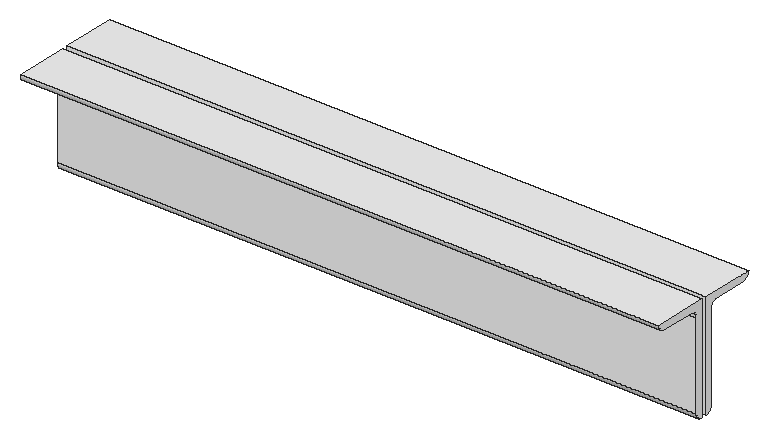
Revit family "M_LL-Ângulo duplo", category Quadro estrutural, Revit 2019
Family settings
  Arredondamento do comprimento do framing estrutural = 0 mm
  Forma do corte = Não definido
  Material para o comportamento do modelo = Aço
  Exportar sempre como geometria = Não
  Número OmniClass = 23.25.30.11.14.14
  Título OmniClass = Beams
  ID de item do Seek = LL-Double Angle-0000-CAN-ENU
  Sempre na vertical = Sim
  Corte com vazios quando carregada = Não
  Representação simbólica = Das configurações de projeto
  Compartilhado = Não
  Exibir o pré-corte da família na vista da planta = Sim
Parameters (values of type "2L203X102X25.4LLBB")
  W = 0
  Structural Material [instance] = Aço, 45-345
  Pernas = "LLBB"
  Length [instance] = 1524 mm
  Espaço = 10 mm
  b = 102 mm
  d = 203 mm
  t = 13 mm
  y = 73 mm
  A = 0.00 m²
Types (3, lengths in mm): name | Espaço | b | t | y
  (no name) | 10 | 102 | 13 | 73
  2L203X203X12.7LLBB | 13 | 203 | 25 | 60
  2L203X102X25.4LLBB | 10 | 102 | 13 | 73
Reference planes
  plane 1 "Centro (Frente/Trás)": y = 0
  plane 2: z = 0
  plane 3 "Centro (Esquerda/Direita)": x = 4.61
  plane 4 "Membro esquerdo": x = -604.99
  plane 5 "Membro direito": x = 614.21
  plane 6: y = 107
  plane 7: y = -107
  plane 8 "Superior": z = 73
  plane 9: z = -130
  plane 10: y = 5
  plane 11: y = -5
  plane 12 "Esquerda": x = -757.39
  plane 13 "Direita": x = 766.61
Forms (mm)
  Sweep 1, solid, material "Aço, 45-345" <- "Structural Material", detail levels fine
    path origin (0, 0, 0) x (1, 0, 0) y (0, 1, 0)
      loop
        line (614.21, 0) -> (-604.99, 0)
    profile "M_2L-Ângulo-Perfil-Alto : M_2L-Ângulo-Perfil-Alto" origin (4.61, 0, 0) x (0, -1, 0) y (0, 0, 1)
      loop
        arc (5, -130) -> (14.192, -126.192) -> (18, -117) r 13
        line (18, -117) -> (18, 47)
        arc (18, 47) -> (21.808, 56.192) -> (31, 60) r 13
        line (31, 60) -> (94, 60)
        arc (94, 60) -> (103.192, 63.808) -> (107, 73) r 13
        line (107, 73) -> (5, 73) -> (5, -130)
  Sweep 2, solid, material "Aço, 45-345" <- "Structural Material", detail levels fine
    path origin (0, 0, 0) x (1, 0, 0) y (0, 1, 0)
      loop
        line (614.21, 0) -> (-604.99, 0)
    profile "M_2L-Ângulo-Perfil-Alto : M_2L-Ângulo-Perfil-Alto" origin (4.61, 0, 0) x (0, -1, 0) y (0, 0, 1)
      loop
        line (-5, -130) -> (-5, 73) -> (-107, 73)
        arc (-107, 73) -> (-103.192, 63.808) -> (-94, 60) r 13
        line (-94, 60) -> (-31, 60)
        arc (-31, 60) -> (-21.808, 56.192) -> (-18, 47) r 13
        line (-18, 47) -> (-18, -117)
        arc (-18, -117) -> (-14.192, -126.192) -> (-5, -130) r 13
  Sweep 3, solid, material "Aço, 45-345" <- "Structural Material", detail levels medium
    path origin (0, 0, 0) x (1, 0, 0) y (0, 1, 0)
      loop
        line (614.21, 0) -> (-604.99, 0)
    profile "M_2L-Ângulo-Perfil-Médio : M_2L-Ângulo-Perfil-Médio" origin (4.61, 0, 0) x (0, -1, 0) y (0, 0, 1)
      loop
        line (5, -130) -> (18, -130) -> (18, 60) -> (107, 60) -> (107, 73) -> (5, 73) -> (5, -130)
  Sweep 4, solid, material "Aço, 45-345" <- "Structural Material", detail levels medium
    path origin (0, 0, 0) x (1, 0, 0) y (0, 1, 0)
      loop
        line (614.21, 0) -> (-604.99, 0)
    profile "M_2L-Ângulo-Perfil-Médio : M_2L-Ângulo-Perfil-Médio" origin (4.61, 0, 0) x (0, -1, 0) y (0, 0, 1)
      loop
        line (-5, -130) -> (-5, 73) -> (-107, 73) -> (-107, 60) -> (-18, 60) -> (-18, -130) -> (-5, -130)
Lines and regions (mm)
  symbolic lines, style "Faces ocultas", detail levels medium+fine
    curve 1: line (-604.99, 18, 0) -> (614.21, 18, 0)
    curve 2: line (-604.99, -18, 0) -> (614.21, -18, 0)
  symbolic lines, style "Símbolos de vara", detail levels coarse
    curve 3: line (4.61, 107, 73) -> (4.61, 5, 73)
    curve 4: line (4.61, -5, 73) -> (4.61, -107, 73)
    curve 5: line (4.61, -5, -130) -> (4.61, -5, 73)
    curve 6: line (4.61, 5, 73) -> (4.61, 5, -130)
Dimensions and locks
  "d": plane 9 to plane 8 "Superior"
  "y": plane 8 "Superior" to plane 2
  equal spacing: plane 10, plane 1 "Centro (Frente/Trás)", plane 11
  "b": plane 11 to plane 7
  "b": plane 6 to plane 10
  "Espaço": plane 10 to plane 11
  "Length": plane 12 "Esquerda" to plane 13 "Direita"
  aligned and locked: Sweep 1 sketch curve to plane 1 "Centro (Frente/Trás)"
  aligned and locked: Sweep 2 sketch curve to plane 1 "Centro (Frente/Trás)"
  aligned and locked: Sweep 3 sketch curve to plane 1 "Centro (Frente/Trás)"
  aligned and locked: Sweep 4 sketch curve to plane 1 "Centro (Frente/Trás)"
  aligned and locked: Sweep 4 to curve 3
  aligned and locked: curve 4 to Sweep 3
  aligned and locked: Sweep 3 to curve 5
  aligned and locked: curve 6 to Sweep 4
  aligned and locked: curve 3 to Sweep 4
  aligned and locked: Sweep 3 to curve 4
  aligned and locked: curve 5 to Sweep 3
  aligned and locked: Sweep 4 to curve 6
  aligned and locked: plane 4 "Membro esquerdo" to Sweep 3 sketch curve
  aligned and locked: plane 5 "Membro direito" to Sweep 3 sketch curve
  aligned and locked: plane 4 "Membro esquerdo" to Sweep 1 sketch curve
  aligned and locked: plane 5 "Membro direito" to Sweep 1 sketch curve
  aligned and locked: plane 4 "Membro esquerdo" to Sweep 4 sketch curve
  aligned and locked: plane 5 "Membro direito" to Sweep 4 sketch curve
  aligned and locked: plane 4 "Membro esquerdo" to Sweep 2 sketch curve
  aligned and locked: plane 5 "Membro direito" to Sweep 2 sketch curve
  aligned and locked: plane 4 "Membro esquerdo" to curve 1
  aligned and locked: plane 4 "Membro esquerdo" to curve 2
  aligned and locked: plane 5 "Membro direito" to curve 1
  aligned and locked: plane 5 "Membro direito" to curve 2
Automatic sketch dimensions
  curve 2 to plane 11 = 13 mm
  plane 10 to curve 1 = 13 mm
Types in the file's own list only (596): name | W | Pernas | Espaço | b | d | t | y | A
  2L203X203X28.6 | 1.67 | "Igual" | 0 mm | 203 mm | 203 mm | 29 mm | 61 mm | 0.02 m²
  2L203X203X28.6X9 | 1.67 | "Igual" | 9 mm | 203 mm | 203 mm | 29 mm | 61 mm | 0.02 m²
  2L203X203X28.6X19 | 1.67 | "Igual" | 19 mm | 203 mm | 203 mm | 29 mm | 61 mm | 0.02 m²
  2L203X203X25.4 | 1.5 | "Igual" | 0 mm | 203 mm | 203 mm | 25 mm | 60 mm | 0.02 m²
  2L203X203X25.4X9 | 1.5 | "Igual" | 9 mm | 203 mm | 203 mm | 25 mm | 60 mm | 0.02 m²
  2L203X203X25.4X19 | 1.5 | "Igual" | 19 mm | 203 mm | 203 mm | 25 mm | 60 mm | 0.02 m²
  2L203X203X22.2 | 1.32 | "Igual" | 0 mm | 203 mm | 203 mm | 22 mm | 59 mm | 0.02 m²
  2L203X203X22.2X9 | 1.32 | "Igual" | 9 mm | 203 mm | 203 mm | 22 mm | 59 mm | 0.02 m²
  2L203X203X22.2X19 | 1.32 | "Igual" | 19 mm | 203 mm | 203 mm | 22 mm | 59 mm | 0.02 m²
  2L203X203X19 | 1.14 | "Igual" | 0 mm | 203 mm | 203 mm | 19 mm | 58 mm | 0.01 m²
  2L203X203X19X9 | 1.14 | "Igual" | 9 mm | 203 mm | 203 mm | 19 mm | 58 mm | 0.01 m²
  2L203X203X19X19 | 1.14 | "Igual" | 19 mm | 203 mm | 203 mm | 19 mm | 58 mm | 0.01 m²
  2L203X203X15.9 | 0.963 | "Igual" | 0 mm | 203 mm | 203 mm | 16 mm | 56 mm | 0.01 m²
  2L203X203X15.9X9 | 0.963 | "Igual" | 9 mm | 203 mm | 203 mm | 16 mm | 56 mm | 0.01 m²
  2L203X203X15.9X19 | 0.963 | "Igual" | 19 mm | 203 mm | 203 mm | 16 mm | 56 mm | 0.01 m²
  2L203X203X14.3 | 0.871 | "Igual" | 0 mm | 203 mm | 203 mm | 14 mm | 56 mm | 0.01 m²
  2L203X203X14.3X9 | 0.871 | "Igual" | 9 mm | 203 mm | 203 mm | 14 mm | 56 mm | 0.01 m²
  2L203X203X14.3X19 | 0.871 | "Igual" | 19 mm | 203 mm | 203 mm | 14 mm | 56 mm | 0.01 m²
  2L203X203X12.7 | 0.778 | "Igual" | 0 mm | 203 mm | 203 mm | 13 mm | 55 mm | 0.01 m²
  2L203X203X12.7X9 | 0.778 | "Igual" | 9 mm | 203 mm | 203 mm | 13 mm | 55 mm | 0.01 m²
  2L203X203X12.7X19 | 0.778 | "Igual" | 19 mm | 203 mm | 203 mm | 13 mm | 55 mm | 0.01 m²
  2L152X152X25.4 | 1.09 | "Igual" | 0 mm | 152 mm | 152 mm | 25 mm | 47 mm | 0.01 m²
  2L152X152X25.4X9 | 1.09 | "Igual" | 9 mm | 152 mm | 152 mm | 25 mm | 47 mm | 0.01 m²
  2L152X152X25.4X19 | 1.09 | "Igual" | 19 mm | 152 mm | 152 mm | 25 mm | 47 mm | 0.01 m²
  2L152X152X22.2 | 0.969 | "Igual" | 0 mm | 152 mm | 152 mm | 22 mm | 46 mm | 0.01 m²
  2L152X152X22.2X9 | 0.969 | "Igual" | 9 mm | 152 mm | 152 mm | 22 mm | 46 mm | 0.01 m²
  2L152X152X22.2X19 | 0.969 | "Igual" | 19 mm | 152 mm | 152 mm | 22 mm | 46 mm | 0.01 m²
  2L152X152X19 | 0.84 | "Igual" | 0 mm | 152 mm | 152 mm | 19 mm | 45 mm | 0.01 m²
  2L152X152X19X9 | 0.84 | "Igual" | 9 mm | 152 mm | 152 mm | 19 mm | 45 mm | 0.01 m²
  2L152X152X19X19 | 0.84 | "Igual" | 19 mm | 152 mm | 152 mm | 19 mm | 45 mm | 0.01 m²
  2L152X152X15.9 | 0.708 | "Igual" | 0 mm | 152 mm | 152 mm | 16 mm | 44 mm | 0.01 m²
  2L152X152X15.9X9 | 0.708 | "Igual" | 9 mm | 152 mm | 152 mm | 16 mm | 44 mm | 0.01 m²
  2L152X152X15.9X19 | 0.708 | "Igual" | 19 mm | 152 mm | 152 mm | 16 mm | 44 mm | 0.01 m²
  2L152X152X14.3 | 0.641 | "Igual" | 0 mm | 152 mm | 152 mm | 14 mm | 43 mm | 0.01 m²
  2L152X152X14.3X9 | 0.641 | "Igual" | 9 mm | 152 mm | 152 mm | 14 mm | 43 mm | 0.01 m²
  2L152X152X14.3X19 | 0.641 | "Igual" | 19 mm | 152 mm | 152 mm | 14 mm | 43 mm | 0.01 m²
  2L152X152X12.7 | 0.573 | "Igual" | 0 mm | 152 mm | 152 mm | 13 mm | 43 mm | 0.01 m²
  2L152X152X12.7X9 | 0.573 | "Igual" | 9 mm | 152 mm | 152 mm | 13 mm | 43 mm | 0.01 m²
  2L152X152X12.7X19 | 0.573 | "Igual" | 19 mm | 152 mm | 152 mm | 13 mm | 43 mm | 0.01 m²
  2L152X152X11.1 | 0.504 | "Igual" | 0 mm | 152 mm | 152 mm | 11 mm | 42 mm | 0.01 m²
  2L152X152X11.1X9 | 0.504 | "Igual" | 9 mm | 152 mm | 152 mm | 11 mm | 42 mm | 0.01 m²
  2L152X152X11.1X19 | 0.504 | "Igual" | 19 mm | 152 mm | 152 mm | 11 mm | 42 mm | 0.01 m²
  2L152X152X9.5 | 0.435 | "Igual" | 0 mm | 152 mm | 152 mm | 10 mm | 41 mm | 0.01 m²
  2L152X152X9.5X9 | 0.435 | "Igual" | 9 mm | 152 mm | 152 mm | 10 mm | 41 mm | 0.01 m²
  2L152X152X9.5X19 | 0.435 | "Igual" | 19 mm | 152 mm | 152 mm | 10 mm | 41 mm | 0.01 m²
  2L152X152X7.9 | 0.365 | "Igual" | 0 mm | 152 mm | 152 mm | 8 mm | 41 mm | 0.00 m²
  2L152X152X7.9X9 | 0.365 | "Igual" | 9 mm | 152 mm | 152 mm | 8 mm | 41 mm | 0.00 m²
  2L152X152X7.9X19 | 0.365 | "Igual" | 19 mm | 152 mm | 152 mm | 8 mm | 41 mm | 0.00 m²
  2L127X127X22.2 | 0.797 | "Igual" | 0 mm | 127 mm | 127 mm | 22 mm | 40 mm | 0.01 m²
  2L127X127X22.2X9 | 0.797 | "Igual" | 9 mm | 127 mm | 127 mm | 22 mm | 40 mm | 0.01 m²
  2L127X127X22.2X19 | 0.797 | "Igual" | 19 mm | 127 mm | 127 mm | 22 mm | 40 mm | 0.01 m²
  2L127X127X19 | 0.693 | "Igual" | 0 mm | 127 mm | 127 mm | 19 mm | 39 mm | 0.01 m²
  2L127X127X19X9 | 0.693 | "Igual" | 9 mm | 127 mm | 127 mm | 19 mm | 39 mm | 0.01 m²
  2L127X127X19X19 | 0.693 | "Igual" | 19 mm | 127 mm | 127 mm | 19 mm | 39 mm | 0.01 m²
  2L127X127X15.9 | 0.586 | "Igual" | 0 mm | 127 mm | 127 mm | 16 mm | 37 mm | 0.01 m²
  2L127X127X15.9X9 | 0.586 | "Igual" | 9 mm | 127 mm | 127 mm | 16 mm | 37 mm | 0.01 m²
  2L127X127X15.9X19 | 0.586 | "Igual" | 19 mm | 127 mm | 127 mm | 16 mm | 37 mm | 0.01 m²
  2L127X127X12.7 | 0.476 | "Igual" | 0 mm | 127 mm | 127 mm | 13 mm | 36 mm | 0.01 m²
  2L127X127X12.7X9 | 0.476 | "Igual" | 9 mm | 127 mm | 127 mm | 13 mm | 36 mm | 0.01 m²
  2L127X127X12.7X19 | 0.476 | "Igual" | 19 mm | 127 mm | 127 mm | 13 mm | 36 mm | 0.01 m²
  2L127X127X11.1 | 0.419 | "Igual" | 0 mm | 127 mm | 127 mm | 11 mm | 36 mm | 0.01 m²
  2L127X127X11.1X9 | 0.419 | "Igual" | 9 mm | 127 mm | 127 mm | 11 mm | 36 mm | 0.01 m²
  2L127X127X11.1X19 | 0.419 | "Igual" | 19 mm | 127 mm | 127 mm | 11 mm | 36 mm | 0.01 m²
  2L127X127X9.5 | 0.362 | "Igual" | 0 mm | 127 mm | 127 mm | 10 mm | 35 mm | 0.00 m²
  2L127X127X9.5X9 | 0.362 | "Igual" | 9 mm | 127 mm | 127 mm | 10 mm | 35 mm | 0.00 m²
  2L127X127X9.5X19 | 0.362 | "Igual" | 19 mm | 127 mm | 127 mm | 10 mm | 35 mm | 0.00 m²
  2L127X127X7.9 | 0.304 | "Igual" | 0 mm | 127 mm | 127 mm | 8 mm | 34 mm | 0.00 m²
  2L127X127X7.9X9 | 0.304 | "Igual" | 9 mm | 127 mm | 127 mm | 8 mm | 34 mm | 0.00 m²
  2L127X127X7.9X19 | 0.304 | "Igual" | 19 mm | 127 mm | 127 mm | 8 mm | 34 mm | 0.00 m²
  2L102X102X19 | 0.54 | "Igual" | 0 mm | 102 mm | 102 mm | 19 mm | 32 mm | 0.01 m²
  2L102X102X19X9 | 0.54 | "Igual" | 9 mm | 102 mm | 102 mm | 19 mm | 32 mm | 0.01 m²
  2L102X102X19X19 | 0.54 | "Igual" | 19 mm | 102 mm | 102 mm | 19 mm | 32 mm | 0.01 m²
  2L102X102X15.9 | 0.457 | "Igual" | 0 mm | 102 mm | 102 mm | 16 mm | 31 mm | 0.01 m²
  2L102X102X15.9X9 | 0.457 | "Igual" | 9 mm | 102 mm | 102 mm | 16 mm | 31 mm | 0.01 m²
  2L102X102X15.9X19 | 0.457 | "Igual" | 19 mm | 102 mm | 102 mm | 16 mm | 31 mm | 0.01 m²
  2L102X102X12.7 | 0.372 | "Igual" | 0 mm | 102 mm | 102 mm | 13 mm | 30 mm | 0.00 m²
  2L102X102X12.7X9 | 0.372 | "Igual" | 9 mm | 102 mm | 102 mm | 13 mm | 30 mm | 0.00 m²
  2L102X102X12.7X19 | 0.372 | "Igual" | 19 mm | 102 mm | 102 mm | 13 mm | 30 mm | 0.00 m²
  2L102X102X11.1 | 0.328 | "Igual" | 0 mm | 102 mm | 102 mm | 11 mm | 29 mm | 0.00 m²
  2L102X102X11.1X9 | 0.328 | "Igual" | 9 mm | 102 mm | 102 mm | 11 mm | 29 mm | 0.00 m²
  2L102X102X11.1X19 | 0.328 | "Igual" | 19 mm | 102 mm | 102 mm | 11 mm | 29 mm | 0.00 m²
  2L102X102X9.5 | 0.284 | "Igual" | 0 mm | 102 mm | 102 mm | 10 mm | 29 mm | 0.00 m²
  2L102X102X9.5X9 | 0.284 | "Igual" | 9 mm | 102 mm | 102 mm | 10 mm | 29 mm | 0.00 m²
  2L102X102X9.5X19 | 0.284 | "Igual" | 19 mm | 102 mm | 102 mm | 10 mm | 29 mm | 0.00 m²
  2L102X102X7.9 | 0.238 | "Igual" | 0 mm | 102 mm | 102 mm | 8 mm | 28 mm | 0.00 m²
  2L102X102X7.9X9 | 0.238 | "Igual" | 9 mm | 102 mm | 102 mm | 8 mm | 28 mm | 0.00 m²
  2L102X102X7.9X19 | 0.238 | "Igual" | 19 mm | 102 mm | 102 mm | 8 mm | 28 mm | 0.00 m²
  2L102X102X6.4 | 0.192 | "Igual" | 0 mm | 102 mm | 102 mm | 6 mm | 27 mm | 0.00 m²
  2L102X102X6.4X9 | 0.192 | "Igual" | 9 mm | 102 mm | 102 mm | 6 mm | 27 mm | 0.00 m²
  2L102X102X6.4X19 | 0.192 | "Igual" | 19 mm | 102 mm | 102 mm | 6 mm | 27 mm | 0.00 m²
  2L89X89X12.7 | 0.324 | "Igual" | 0 mm | 89 mm | 89 mm | 13 mm | 27 mm | 0.00 m²
  2L89X89X12.7X9 | 0.324 | "Igual" | 9 mm | 89 mm | 89 mm | 13 mm | 27 mm | 0.00 m²
  2L89X89X12.7X19 | 0.324 | "Igual" | 19 mm | 89 mm | 89 mm | 13 mm | 27 mm | 0.00 m²
  2L89X89X11.1 | 0.287 | "Igual" | 0 mm | 89 mm | 89 mm | 11 mm | 26 mm | 0.00 m²
  2L89X89X11.1X9 | 0.287 | "Igual" | 9 mm | 89 mm | 89 mm | 11 mm | 26 mm | 0.00 m²
  2L89X89X11.1X19 | 0.287 | "Igual" | 19 mm | 89 mm | 89 mm | 11 mm | 26 mm | 0.00 m²
  2L89X89X9.5 | 0.248 | "Igual" | 0 mm | 89 mm | 89 mm | 10 mm | 26 mm | 0.00 m²
  2L89X89X9.5X9 | 0.248 | "Igual" | 9 mm | 89 mm | 89 mm | 10 mm | 26 mm | 0.00 m²
  2L89X89X9.5X19 | 0.248 | "Igual" | 19 mm | 89 mm | 89 mm | 10 mm | 26 mm | 0.00 m²
  2L89X89X7.9 | 0.209 | "Igual" | 0 mm | 89 mm | 89 mm | 8 mm | 25 mm | 0.00 m²
  2L89X89X7.9X9 | 0.209 | "Igual" | 9 mm | 89 mm | 89 mm | 8 mm | 25 mm | 0.00 m²
  2L89X89X7.9X19 | 0.209 | "Igual" | 19 mm | 89 mm | 89 mm | 8 mm | 25 mm | 0.00 m²
  2L89X89X6.4 | 0.169 | "Igual" | 0 mm | 89 mm | 89 mm | 6 mm | 24 mm | 0.00 m²
  2L89X89X6.4X9 | 0.169 | "Igual" | 9 mm | 89 mm | 89 mm | 6 mm | 24 mm | 0.00 m²
  2L89X89X6.4X19 | 0.169 | "Igual" | 19 mm | 89 mm | 89 mm | 6 mm | 24 mm | 0.00 m²
  2L76X76X12.7 | 0.273 | "Igual" | 0 mm | 76 mm | 76 mm | 13 mm | 24 mm | 0.00 m²
  2L76X76X12.7X9 | 0.273 | "Igual" | 9 mm | 76 mm | 76 mm | 13 mm | 24 mm | 0.00 m²
  2L76X76X12.7X19 | 0.273 | "Igual" | 19 mm | 76 mm | 76 mm | 13 mm | 24 mm | 0.00 m²
  2L76X76X11.1 | 0.242 | "Igual" | 0 mm | 76 mm | 76 mm | 11 mm | 23 mm | 0.00 m²
  2L76X76X11.1X9 | 0.242 | "Igual" | 9 mm | 76 mm | 76 mm | 11 mm | 23 mm | 0.00 m²
  2L76X76X11.1X19 | 0.242 | "Igual" | 19 mm | 76 mm | 76 mm | 11 mm | 23 mm | 0.00 m²
  2L76X76X9.5 | 0.209 | "Igual" | 0 mm | 76 mm | 76 mm | 10 mm | 22 mm | 0.00 m²
  2L76X76X9.5X9 | 0.209 | "Igual" | 9 mm | 76 mm | 76 mm | 10 mm | 22 mm | 0.00 m²
  2L76X76X9.5X19 | 0.209 | "Igual" | 19 mm | 76 mm | 76 mm | 10 mm | 22 mm | 0.00 m²
  2L76X76X7.9 | 0.176 | "Igual" | 0 mm | 76 mm | 76 mm | 8 mm | 22 mm | 0.00 m²
  2L76X76X7.9X9 | 0.176 | "Igual" | 9 mm | 76 mm | 76 mm | 8 mm | 22 mm | 0.00 m²
  2L76X76X7.9X19 | 0.176 | "Igual" | 19 mm | 76 mm | 76 mm | 8 mm | 22 mm | 0.00 m²
  2L76X76X6.4 | 0.143 | "Igual" | 0 mm | 76 mm | 76 mm | 6 mm | 21 mm | 0.00 m²
  2L76X76X6.4X9 | 0.143 | "Igual" | 9 mm | 76 mm | 76 mm | 6 mm | 21 mm | 0.00 m²
  2L76X76X6.4X19 | 0.143 | "Igual" | 19 mm | 76 mm | 76 mm | 6 mm | 21 mm | 0.00 m²
  2L76X76X4.8 | 0.108 | "Igual" | 0 mm | 76 mm | 76 mm | 5 mm | 21 mm | 0.00 m²
  2L76X76X4.8X9 | 0.108 | "Igual" | 9 mm | 76 mm | 76 mm | 5 mm | 21 mm | 0.00 m²
  2L76X76X4.8X19 | 0.108 | "Igual" | 19 mm | 76 mm | 76 mm | 5 mm | 21 mm | 0.00 m²
  2L64X64X12.7 | 0.223 | "Igual" | 0 mm | 64 mm | 64 mm | 13 mm | 20 mm | 0.00 m²
  2L64X64X12.7X9 | 0.223 | "Igual" | 9 mm | 64 mm | 64 mm | 13 mm | 20 mm | 0.00 m²
  2L64X64X12.7X19 | 0.223 | "Igual" | 19 mm | 64 mm | 64 mm | 13 mm | 20 mm | 0.00 m²
  2L64X64X9.5 | 0.172 | "Igual" | 0 mm | 64 mm | 64 mm | 10 mm | 19 mm | 0.00 m²
  2L64X64X9.5X9 | 0.172 | "Igual" | 9 mm | 64 mm | 64 mm | 10 mm | 19 mm | 0.00 m²
  2L64X64X9.5X19 | 0.172 | "Igual" | 19 mm | 64 mm | 64 mm | 10 mm | 19 mm | 0.00 m²
  2L64X64X7.9 | 0.145 | "Igual" | 0 mm | 64 mm | 64 mm | 8 mm | 19 mm | 0.00 m²
  2L64X64X7.9X9 | 0.145 | "Igual" | 9 mm | 64 mm | 64 mm | 8 mm | 19 mm | 0.00 m²
  2L64X64X7.9X19 | 0.145 | "Igual" | 19 mm | 64 mm | 64 mm | 8 mm | 19 mm | 0.00 m²
  2L64X64X6.4 | 0.118 | "Igual" | 0 mm | 64 mm | 64 mm | 6 mm | 18 mm | 0.00 m²
  2L64X64X6.4X9 | 0.118 | "Igual" | 9 mm | 64 mm | 64 mm | 6 mm | 18 mm | 0.00 m²
  2L64X64X6.4X19 | 0.118 | "Igual" | 19 mm | 64 mm | 64 mm | 6 mm | 18 mm | 0.00 m²
  2L64X64X4.8 | 0.089 | "Igual" | 0 mm | 64 mm | 64 mm | 5 mm | 17 mm | 0.00 m²
  2L64X64X4.8X9 | 0.089 | "Igual" | 9 mm | 64 mm | 64 mm | 5 mm | 17 mm | 0.00 m²
  2L64X64X4.8X19 | 0.089 | "Igual" | 19 mm | 64 mm | 64 mm | 5 mm | 17 mm | 0.00 m²
  2L51X51X9.5 | 0.136 | "Igual" | 0 mm | 51 mm | 51 mm | 10 mm | 16 mm | 0.00 m²
  2L51X51X9.5X9 | 0.136 | "Igual" | 9 mm | 51 mm | 51 mm | 10 mm | 16 mm | 0.00 m²
  2L51X51X9.5X19 | 0.136 | "Igual" | 19 mm | 51 mm | 51 mm | 10 mm | 16 mm | 0.00 m²
  2L51X51X7.9 | 0.115 | "Igual" | 0 mm | 51 mm | 51 mm | 8 mm | 16 mm | 0.00 m²
  2L51X51X7.9X9 | 0.115 | "Igual" | 9 mm | 51 mm | 51 mm | 8 mm | 16 mm | 0.00 m²
  2L51X51X7.9X19 | 0.115 | "Igual" | 19 mm | 51 mm | 51 mm | 8 mm | 16 mm | 0.00 m²
  2L51X51X6.4 | 0.094 | "Igual" | 0 mm | 51 mm | 51 mm | 6 mm | 15 mm | 0.00 m²
  2L51X51X6.4X9 | 0.094 | "Igual" | 9 mm | 51 mm | 51 mm | 6 mm | 15 mm | 0.00 m²
  2L51X51X6.4X19 | 0.094 | "Igual" | 19 mm | 51 mm | 51 mm | 6 mm | 15 mm | 0.00 m²
  2L51X51X4.8 | 0.072 | "Igual" | 0 mm | 51 mm | 51 mm | 5 mm | 14 mm | 0.00 m²
  2L51X51X4.8X9 | 0.072 | "Igual" | 9 mm | 51 mm | 51 mm | 5 mm | 14 mm | 0.00 m²
  2L51X51X4.8X19 | 0.072 | "Igual" | 19 mm | 51 mm | 51 mm | 5 mm | 14 mm | 0.00 m²
  2L51X51X3.2 | 0.049 | "Igual" | 0 mm | 51 mm | 51 mm | 3 mm | 14 mm | 0.00 m²
  2L51X51X3.2X9 | 0.049 | "Igual" | 9 mm | 51 mm | 51 mm | 3 mm | 14 mm | 0.00 m²
  2L51X51X3.2X19 | 0.049 | "Igual" | 19 mm | 51 mm | 51 mm | 3 mm | 14 mm | 0.00 m²
  2L203X152X25.4LLBB | 1.3 | "LLBB" | 0 mm | 152 mm | 203 mm | 25 mm | 67 mm | 0.02 m²
  2L203X152X25.4X9LLBB | 1.3 | "LLBB" | 9 mm | 152 mm | 203 mm | 25 mm | 67 mm | 0.02 m²
  2L203X152X25.4X19LLBB | 1.3 | "LLBB" | 19 mm | 152 mm | 203 mm | 25 mm | 67 mm | 0.02 m²
  2L203X152X22.2LLBB | 1.15 | "LLBB" | 0 mm | 152 mm | 203 mm | 22 mm | 66 mm | 0.01 m²
  2L203X152X22.2X9LLBB | 1.15 | "LLBB" | 9 mm | 152 mm | 203 mm | 22 mm | 66 mm | 0.01 m²
  2L203X152X22.2X19LLBB | 1.15 | "LLBB" | 19 mm | 152 mm | 203 mm | 22 mm | 66 mm | 0.01 m²
  2L203X152X19LLBB | 0.992 | "LLBB" | 0 mm | 152 mm | 203 mm | 19 mm | 65 mm | 0.01 m²
  2L203X152X19X9LLBB | 0.992 | "LLBB" | 9 mm | 152 mm | 203 mm | 19 mm | 65 mm | 0.01 m²
  2L203X152X19X19LLBB | 0.992 | "LLBB" | 19 mm | 152 mm | 203 mm | 19 mm | 65 mm | 0.01 m²
  2L203X152X15.9LLBB | 0.836 | "LLBB" | 0 mm | 152 mm | 203 mm | 16 mm | 64 mm | 0.01 m²
  2L203X152X15.9X9LLBB | 0.836 | "LLBB" | 9 mm | 152 mm | 203 mm | 16 mm | 64 mm | 0.01 m²
  2L203X152X15.9X19LLBB | 0.836 | "LLBB" | 19 mm | 152 mm | 203 mm | 16 mm | 64 mm | 0.01 m²
  2L203X152X14.3LLBB | 0.756 | "LLBB" | 0 mm | 152 mm | 203 mm | 14 mm | 63 mm | 0.01 m²
  2L203X152X14.3X9LLBB | 0.756 | "LLBB" | 9 mm | 152 mm | 203 mm | 14 mm | 63 mm | 0.01 m²
  2L203X152X14.3X19LLBB | 0.756 | "LLBB" | 19 mm | 152 mm | 203 mm | 14 mm | 63 mm | 0.01 m²
  2L203X152X12.7LLBB | 0.676 | "LLBB" | 0 mm | 152 mm | 203 mm | 13 mm | 62 mm | 0.01 m²
  2L203X152X12.7X9LLBB | 0.676 | "LLBB" | 9 mm | 152 mm | 203 mm | 13 mm | 62 mm | 0.01 m²
  2L203X152X12.7X19LLBB | 0.676 | "LLBB" | 19 mm | 152 mm | 203 mm | 13 mm | 62 mm | 0.01 m²
  2L203X152X11.1LLBB | 0.595 | "LLBB" | 0 mm | 152 mm | 203 mm | 11 mm | 62 mm | 0.01 m²
  2L203X152X11.1X9LLBB | 0.595 | "LLBB" | 9 mm | 152 mm | 203 mm | 11 mm | 62 mm | 0.01 m²
  2L203X152X11.1X19LLBB | 0.595 | "LLBB" | 19 mm | 152 mm | 203 mm | 11 mm | 62 mm | 0.01 m²
  2L203X102X25.4X9LLBB | 1.1 | "LLBB" | 9 mm | 102 mm | 203 mm | 25 mm | 77 mm | 0.01 m²
  2L203X102X25.4X19LLBB | 1.1 | "LLBB" | 19 mm | 102 mm | 203 mm | 25 mm | 77 mm | 0.01 m²
  2L203X102X22.2LLBB | 0.972 | "LLBB" | 0 mm | 102 mm | 203 mm | 22 mm | 76 mm | 0.01 m²
  2L203X102X22.2X9LLBB | 0.972 | "LLBB" | 9 mm | 102 mm | 203 mm | 22 mm | 76 mm | 0.01 m²
  2L203X102X22.2X19LLBB | 0.972 | "LLBB" | 19 mm | 102 mm | 203 mm | 22 mm | 76 mm | 0.01 m²
  2L203X102X19LLBB | 0.843 | "LLBB" | 0 mm | 102 mm | 203 mm | 19 mm | 75 mm | 0.01 m²
  2L203X102X19X9LLBB | 0.843 | "LLBB" | 9 mm | 102 mm | 203 mm | 19 mm | 75 mm | 0.01 m²
  2L203X102X19X19LLBB | 0.843 | "LLBB" | 19 mm | 102 mm | 203 mm | 19 mm | 75 mm | 0.01 m²
  2L203X102X15.9LLBB | 0.711 | "LLBB" | 0 mm | 102 mm | 203 mm | 16 mm | 73 mm | 0.01 m²
  2L203X102X15.9X9LLBB | 0.711 | "LLBB" | 9 mm | 102 mm | 203 mm | 16 mm | 73 mm | 0.01 m²
  2L203X102X15.9X19LLBB | 0.711 | "LLBB" | 19 mm | 102 mm | 203 mm | 16 mm | 73 mm | 0.01 m²
  2L203X102X14.3LLBB | 0.644 | "LLBB" | 0 mm | 102 mm | 203 mm | 14 mm | 73 mm | 0.01 m²
  2L203X102X14.3X9LLBB | 0.644 | "LLBB" | 9 mm | 102 mm | 203 mm | 14 mm | 73 mm | 0.01 m²
  2L203X102X14.3X19LLBB | 0.644 | "LLBB" | 19 mm | 102 mm | 203 mm | 14 mm | 73 mm | 0.01 m²
  2L203X102X12.7LLBB | 0.576 | "LLBB" | 0 mm | 102 mm | 203 mm | 13 mm | 72 mm | 0.01 m²
  2L203X102X12.7X9LLBB | 0.576 | "LLBB" | 9 mm | 102 mm | 203 mm | 13 mm | 72 mm | 0.01 m²
  2L203X102X12.7X19LLBB | 0.576 | "LLBB" | 19 mm | 102 mm | 203 mm | 13 mm | 72 mm | 0.01 m²
  2L203X102X11.1LLBB | 0.508 | "LLBB" | 0 mm | 102 mm | 203 mm | 11 mm | 71 mm | 0.01 m²
  2L203X102X11.1X9LLBB | 0.508 | "LLBB" | 9 mm | 102 mm | 203 mm | 11 mm | 71 mm | 0.01 m²
  2L203X102X11.1X19LLBB | 0.508 | "LLBB" | 19 mm | 102 mm | 203 mm | 11 mm | 71 mm | 0.01 m²
  2L178X102X19LLBB | 0.765 | "LLBB" | 0 mm | 102 mm | 178 mm | 19 mm | 64 mm | 0.01 m²
  2L178X102X19X9LLBB | 0.765 | "LLBB" | 9 mm | 102 mm | 178 mm | 19 mm | 64 mm | 0.01 m²
  2L178X102X19X19LLBB | 0.765 | "LLBB" | 19 mm | 102 mm | 178 mm | 19 mm | 64 mm | 0.01 m²
  2L178X102X15.9LLBB | 0.645 | "LLBB" | 0 mm | 102 mm | 178 mm | 16 mm | 62 mm | 0.01 m²
  2L178X102X15.9X9LLBB | 0.645 | "LLBB" | 9 mm | 102 mm | 178 mm | 16 mm | 62 mm | 0.01 m²
  2L178X102X15.9X19LLBB | 0.645 | "LLBB" | 19 mm | 102 mm | 178 mm | 16 mm | 62 mm | 0.01 m²
  2L178X102X12.7LLBB | 0.523 | "LLBB" | 0 mm | 102 mm | 178 mm | 13 mm | 61 mm | 0.01 m²
  2L178X102X12.7X9LLBB | 0.523 | "LLBB" | 9 mm | 102 mm | 178 mm | 13 mm | 61 mm | 0.01 m²
  2L178X102X12.7X19LLBB | 0.523 | "LLBB" | 19 mm | 102 mm | 178 mm | 13 mm | 61 mm | 0.01 m²
  2L178X102X11.1LLBB | 0.46 | "LLBB" | 0 mm | 102 mm | 178 mm | 11 mm | 60 mm | 0.01 m²
  2L178X102X11.1X9LLBB | 0.46 | "LLBB" | 9 mm | 102 mm | 178 mm | 11 mm | 60 mm | 0.01 m²
  2L178X102X11.1X19LLBB | 0.46 | "LLBB" | 19 mm | 102 mm | 178 mm | 11 mm | 60 mm | 0.01 m²
  2L178X102X9.5LLBB | 0.397 | "LLBB" | 0 mm | 102 mm | 178 mm | 10 mm | 60 mm | 0.01 m²
  2L178X102X9.5X9LLBB | 0.397 | "LLBB" | 9 mm | 102 mm | 178 mm | 10 mm | 60 mm | 0.01 m²
  2L178X102X9.5X19LLBB | 0.397 | "LLBB" | 19 mm | 102 mm | 178 mm | 10 mm | 60 mm | 0.01 m²
  2L152X102X22.2LLBB | 0.793 | "LLBB" | 0 mm | 102 mm | 152 mm | 22 mm | 54 mm | 0.01 m²
  2L152X102X22.2X9LLBB | 0.793 | "LLBB" | 9 mm | 102 mm | 152 mm | 22 mm | 54 mm | 0.01 m²
  2L152X102X22.2X19LLBB | 0.793 | "LLBB" | 19 mm | 102 mm | 152 mm | 22 mm | 54 mm | 0.01 m²
  2L152X102X19LLBB | 0.689 | "LLBB" | 0 mm | 102 mm | 152 mm | 19 mm | 53 mm | 0.01 m²
  2L152X102X19X9LLBB | 0.689 | "LLBB" | 9 mm | 102 mm | 152 mm | 19 mm | 53 mm | 0.01 m²
  2L152X102X19X19LLBB | 0.689 | "LLBB" | 19 mm | 102 mm | 152 mm | 19 mm | 53 mm | 0.01 m²
  2L152X102X15.9LLBB | 0.582 | "LLBB" | 0 mm | 102 mm | 152 mm | 16 mm | 51 mm | 0.01 m²
  2L152X102X15.9X9LLBB | 0.582 | "LLBB" | 9 mm | 102 mm | 152 mm | 16 mm | 51 mm | 0.01 m²
  2L152X102X15.9X19LLBB | 0.582 | "LLBB" | 19 mm | 102 mm | 152 mm | 16 mm | 51 mm | 0.01 m²
  2L152X102X14.3LLBB | 0.527 | "LLBB" | 0 mm | 102 mm | 152 mm | 14 mm | 51 mm | 0.01 m²
  2L152X102X14.3X9LLBB | 0.527 | "LLBB" | 9 mm | 102 mm | 152 mm | 14 mm | 51 mm | 0.01 m²
  2L152X102X14.3X19LLBB | 0.527 | "LLBB" | 19 mm | 102 mm | 152 mm | 14 mm | 51 mm | 0.01 m²
  2L152X102X12.7LLBB | 0.472 | "LLBB" | 0 mm | 102 mm | 152 mm | 13 mm | 50 mm | 0.01 m²
  2L152X102X12.7X9LLBB | 0.472 | "LLBB" | 9 mm | 102 mm | 152 mm | 13 mm | 50 mm | 0.01 m²
  2L152X102X12.7X19LLBB | 0.472 | "LLBB" | 19 mm | 102 mm | 152 mm | 13 mm | 50 mm | 0.01 m²
  2L152X102X11.1LLBB | 0.415 | "LLBB" | 0 mm | 102 mm | 152 mm | 11 mm | 50 mm | 0.01 m²
  2L152X102X11.1X9LLBB | 0.415 | "LLBB" | 9 mm | 102 mm | 152 mm | 11 mm | 50 mm | 0.01 m²
  2L152X102X11.1X19LLBB | 0.415 | "LLBB" | 19 mm | 102 mm | 152 mm | 11 mm | 50 mm | 0.01 m²
  2L152X102X9.5LLBB | 0.358 | "LLBB" | 0 mm | 102 mm | 152 mm | 10 mm | 49 mm | 0.00 m²
  2L152X102X9.5X9LLBB | 0.358 | "LLBB" | 9 mm | 102 mm | 152 mm | 10 mm | 49 mm | 0.00 m²
  2L152X102X9.5X19LLBB | 0.358 | "LLBB" | 19 mm | 102 mm | 152 mm | 10 mm | 49 mm | 0.00 m²
  2L152X102X7.9LLBB | 0.301 | "LLBB" | 0 mm | 102 mm | 152 mm | 8 mm | 48 mm | 0.00 m²
  2L152X102X7.9X9LLBB | 0.301 | "LLBB" | 9 mm | 102 mm | 152 mm | 8 mm | 48 mm | 0.00 m²
  2L152X102X7.9X19LLBB | 0.301 | "LLBB" | 19 mm | 102 mm | 152 mm | 8 mm | 48 mm | 0.00 m²
  2L152X89X12.7LLBB | 0.449 | "LLBB" | 0 mm | 89 mm | 152 mm | 13 mm | 53 mm | 0.01 m²
  2L152X89X12.7X9LLBB | 0.449 | "LLBB" | 9 mm | 89 mm | 152 mm | 13 mm | 53 mm | 0.01 m²
  2L152X89X12.7X19LLBB | 0.449 | "LLBB" | 19 mm | 89 mm | 152 mm | 13 mm | 53 mm | 0.01 m²
  2L152X89X9.5LLBB | 0.342 | "LLBB" | 0 mm | 89 mm | 152 mm | 10 mm | 51 mm | 0.00 m²
  2L152X89X9.5X9LLBB | 0.342 | "LLBB" | 9 mm | 89 mm | 152 mm | 10 mm | 51 mm | 0.00 m²
  2L152X89X9.5X19LLBB | 0.342 | "LLBB" | 19 mm | 89 mm | 152 mm | 10 mm | 51 mm | 0.00 m²
  2L152X89X7.9LLBB | 0.287 | "LLBB" | 0 mm | 89 mm | 152 mm | 8 mm | 51 mm | 0.00 m²
  2L152X89X7.9X9LLBB | 0.287 | "LLBB" | 9 mm | 89 mm | 152 mm | 8 mm | 51 mm | 0.00 m²
  2L152X89X7.9X19LLBB | 0.287 | "LLBB" | 19 mm | 89 mm | 152 mm | 8 mm | 51 mm | 0.00 m²
  2L127X89X19LLBB | 0.578 | "LLBB" | 0 mm | 89 mm | 127 mm | 19 mm | 44 mm | 0.01 m²
  2L127X89X19X9LLBB | 0.578 | "LLBB" | 9 mm | 89 mm | 127 mm | 19 mm | 44 mm | 0.01 m²
  2L127X89X19X19LLBB | 0.578 | "LLBB" | 19 mm | 89 mm | 127 mm | 19 mm | 44 mm | 0.01 m²
  2L127X89X15.9LLBB | 0.489 | "LLBB" | 0 mm | 89 mm | 127 mm | 16 mm | 43 mm | 0.01 m²
  2L127X89X15.9X9LLBB | 0.489 | "LLBB" | 9 mm | 89 mm | 127 mm | 16 mm | 43 mm | 0.01 m²
  2L127X89X15.9X19LLBB | 0.489 | "LLBB" | 19 mm | 89 mm | 127 mm | 16 mm | 43 mm | 0.01 m²
  2L127X89X12.7LLBB | 0.398 | "LLBB" | 0 mm | 89 mm | 127 mm | 13 mm | 42 mm | 0.01 m²
  2L127X89X12.7X9LLBB | 0.398 | "LLBB" | 9 mm | 89 mm | 127 mm | 13 mm | 42 mm | 0.01 m²
  2L127X89X12.7X19LLBB | 0.398 | "LLBB" | 19 mm | 89 mm | 127 mm | 13 mm | 42 mm | 0.01 m²
  2L127X89X9.5LLBB | 0.303 | "LLBB" | 0 mm | 89 mm | 127 mm | 10 mm | 41 mm | 0.00 m²
  2L127X89X9.5X9LLBB | 0.303 | "LLBB" | 9 mm | 89 mm | 127 mm | 10 mm | 41 mm | 0.00 m²
  2L127X89X9.5X19LLBB | 0.303 | "LLBB" | 19 mm | 89 mm | 127 mm | 10 mm | 41 mm | 0.00 m²
  2L127X89X7.9LLBB | 0.254 | "LLBB" | 0 mm | 89 mm | 127 mm | 8 mm | 40 mm | 0.00 m²
  2L127X89X7.9X9LLBB | 0.254 | "LLBB" | 9 mm | 89 mm | 127 mm | 8 mm | 40 mm | 0.00 m²
  2L127X89X7.9X19LLBB | 0.254 | "LLBB" | 19 mm | 89 mm | 127 mm | 8 mm | 40 mm | 0.00 m²
  2L127X89X6.4LLBB | 0.205 | "LLBB" | 0 mm | 89 mm | 127 mm | 6 mm | 39 mm | 0.00 m²
  2L127X89X6.4X9LLBB | 0.205 | "LLBB" | 9 mm | 89 mm | 127 mm | 6 mm | 39 mm | 0.00 m²
  2L127X89X6.4X19LLBB | 0.205 | "LLBB" | 19 mm | 89 mm | 127 mm | 6 mm | 39 mm | 0.00 m²
  2L127X76X12.7LLBB | 0.373 | "LLBB" | 0 mm | 76 mm | 127 mm | 13 mm | 44 mm | 0.00 m²
  2L127X76X12.7X9LLBB | 0.373 | "LLBB" | 9 mm | 76 mm | 127 mm | 13 mm | 44 mm | 0.00 m²
  2L127X76X12.7X19LLBB | 0.373 | "LLBB" | 19 mm | 76 mm | 127 mm | 13 mm | 44 mm | 0.00 m²
  2L127X76X11.1LLBB | 0.329 | "LLBB" | 0 mm | 76 mm | 127 mm | 11 mm | 44 mm | 0.00 m²
  2L127X76X11.1X9LLBB | 0.329 | "LLBB" | 9 mm | 76 mm | 127 mm | 11 mm | 44 mm | 0.00 m²
  2L127X76X11.1X19LLBB | 0.329 | "LLBB" | 19 mm | 76 mm | 127 mm | 11 mm | 44 mm | 0.00 m²
  2L127X76X9.5LLBB | 0.284 | "LLBB" | 0 mm | 76 mm | 127 mm | 10 mm | 43 mm | 0.00 m²
  2L127X76X9.5X9LLBB | 0.284 | "LLBB" | 9 mm | 76 mm | 127 mm | 10 mm | 43 mm | 0.00 m²
  2L127X76X9.5X19LLBB | 0.284 | "LLBB" | 19 mm | 76 mm | 127 mm | 10 mm | 43 mm | 0.00 m²
  2L127X76X7.9LLBB | 0.239 | "LLBB" | 0 mm | 76 mm | 127 mm | 8 mm | 42 mm | 0.00 m²
  2L127X76X7.9X9LLBB | 0.239 | "LLBB" | 9 mm | 76 mm | 127 mm | 8 mm | 42 mm | 0.00 m²
  2L127X76X7.9X19LLBB | 0.239 | "LLBB" | 19 mm | 76 mm | 127 mm | 8 mm | 42 mm | 0.00 m²
  2L127X76X6.4LLBB | 0.193 | "LLBB" | 0 mm | 76 mm | 127 mm | 6 mm | 42 mm | 0.00 m²
  2L127X76X6.4X9LLBB | 0.193 | "LLBB" | 9 mm | 76 mm | 127 mm | 6 mm | 42 mm | 0.00 m²
  2L127X76X6.4X19LLBB | 0.193 | "LLBB" | 19 mm | 76 mm | 127 mm | 6 mm | 42 mm | 0.00 m²
  2L102X89X12.7LLBB | 0.348 | "LLBB" | 0 mm | 89 mm | 102 mm | 13 mm | 32 mm | 0.00 m²
  2L102X89X12.7X9LLBB | 0.348 | "LLBB" | 9 mm | 89 mm | 102 mm | 13 mm | 32 mm | 0.00 m²
  2L102X89X12.7X19LLBB | 0.348 | "LLBB" | 19 mm | 89 mm | 102 mm | 13 mm | 32 mm | 0.00 m²
  2L102X89X9.5LLBB | 0.266 | "LLBB" | 0 mm | 89 mm | 102 mm | 10 mm | 30 mm | 0.00 m²
  2L102X89X9.5X9LLBB | 0.266 | "LLBB" | 9 mm | 89 mm | 102 mm | 10 mm | 30 mm | 0.00 m²
  2L102X89X9.5X19LLBB | 0.266 | "LLBB" | 19 mm | 89 mm | 102 mm | 10 mm | 30 mm | 0.00 m²
  2L102X89X7.9LLBB | 0.223 | "LLBB" | 0 mm | 89 mm | 102 mm | 8 mm | 30 mm | 0.00 m²
  2L102X89X7.9X9LLBB | 0.223 | "LLBB" | 9 mm | 89 mm | 102 mm | 8 mm | 30 mm | 0.00 m²
  2L102X89X7.9X19LLBB | 0.223 | "LLBB" | 19 mm | 89 mm | 102 mm | 8 mm | 30 mm | 0.00 m²
  2L102X89X6.4LLBB | 0.18 | "LLBB" | 0 mm | 89 mm | 102 mm | 6 mm | 29 mm | 0.00 m²
  2L102X89X6.4X9LLBB | 0.18 | "LLBB" | 9 mm | 89 mm | 102 mm | 6 mm | 29 mm | 0.00 m²
  2L102X89X6.4X19LLBB | 0.18 | "LLBB" | 19 mm | 89 mm | 102 mm | 6 mm | 29 mm | 0.00 m²
  2L102X76X15.9LLBB | 0.396 | "LLBB" | 0 mm | 76 mm | 102 mm | 16 mm | 35 mm | 0.01 m²
  2L102X76X15.9X9LLBB | 0.396 | "LLBB" | 9 mm | 76 mm | 102 mm | 16 mm | 35 mm | 0.01 m²
  2L102X76X15.9X19LLBB | 0.396 | "LLBB" | 19 mm | 76 mm | 102 mm | 16 mm | 35 mm | 0.01 m²
  2L102X76X12.7LLBB | 0.323 | "LLBB" | 0 mm | 76 mm | 102 mm | 13 mm | 34 mm | 0.00 m²
  2L102X76X12.7X9LLBB | 0.323 | "LLBB" | 9 mm | 76 mm | 102 mm | 13 mm | 34 mm | 0.00 m²
  2L102X76X12.7X19LLBB | 0.323 | "LLBB" | 19 mm | 76 mm | 102 mm | 13 mm | 34 mm | 0.00 m²
  2L102X76X9.5LLBB | 0.247 | "LLBB" | 0 mm | 76 mm | 102 mm | 10 mm | 32 mm | 0.00 m²
  2L102X76X9.5X9LLBB | 0.247 | "LLBB" | 9 mm | 76 mm | 102 mm | 10 mm | 32 mm | 0.00 m²
  2L102X76X9.5X19LLBB | 0.247 | "LLBB" | 19 mm | 76 mm | 102 mm | 10 mm | 32 mm | 0.00 m²
  2L102X76X7.9LLBB | 0.208 | "LLBB" | 0 mm | 76 mm | 102 mm | 8 mm | 32 mm | 0.00 m²
  2L102X76X7.9X9LLBB | 0.208 | "LLBB" | 9 mm | 76 mm | 102 mm | 8 mm | 32 mm | 0.00 m²
  2L102X76X7.9X19LLBB | 0.208 | "LLBB" | 19 mm | 76 mm | 102 mm | 8 mm | 32 mm | 0.00 m²
  2L102X76X6.4LLBB | 0.168 | "LLBB" | 0 mm | 76 mm | 102 mm | 6 mm | 31 mm | 0.00 m²
  2L102X76X6.4X9LLBB | 0.168 | "LLBB" | 9 mm | 76 mm | 102 mm | 6 mm | 31 mm | 0.00 m²
  2L102X76X6.4X19LLBB | 0.168 | "LLBB" | 19 mm | 76 mm | 102 mm | 6 mm | 31 mm | 0.00 m²
  2L89X76X12.7LLBB | 0.3 | "LLBB" | 0 mm | 76 mm | 89 mm | 13 mm | 28 mm | 0.00 m²
  2L89X76X12.7X9LLBB | 0.3 | "LLBB" | 9 mm | 76 mm | 89 mm | 13 mm | 28 mm | 0.00 m²
  2L89X76X12.7X19LLBB | 0.3 | "LLBB" | 19 mm | 76 mm | 89 mm | 13 mm | 28 mm | 0.00 m²
  2L89X76X11.1LLBB | 0.265 | "LLBB" | 0 mm | 76 mm | 89 mm | 11 mm | 28 mm | 0.00 m²
  2L89X76X11.1X9LLBB | 0.265 | "LLBB" | 9 mm | 76 mm | 89 mm | 11 mm | 28 mm | 0.00 m²
  2L89X76X11.1X19LLBB | 0.265 | "LLBB" | 19 mm | 76 mm | 89 mm | 11 mm | 28 mm | 0.00 m²
  2L89X76X9.5LLBB | 0.23 | "LLBB" | 0 mm | 76 mm | 89 mm | 10 mm | 27 mm | 0.00 m²
  2L89X76X9.5X9LLBB | 0.23 | "LLBB" | 9 mm | 76 mm | 89 mm | 10 mm | 27 mm | 0.00 m²
  2L89X76X9.5X19LLBB | 0.23 | "LLBB" | 19 mm | 76 mm | 89 mm | 10 mm | 27 mm | 0.00 m²
  2L89X76X7.9LLBB | 0.194 | "LLBB" | 0 mm | 76 mm | 89 mm | 8 mm | 27 mm | 0.00 m²
  2L89X76X7.9X9LLBB | 0.194 | "LLBB" | 9 mm | 76 mm | 89 mm | 8 mm | 27 mm | 0.00 m²
  2L89X76X7.9X19LLBB | 0.194 | "LLBB" | 19 mm | 76 mm | 89 mm | 8 mm | 27 mm | 0.00 m²
  2L89X76X6.4LLBB | 0.157 | "LLBB" | 0 mm | 76 mm | 89 mm | 6 mm | 26 mm | 0.00 m²
  2L89X76X6.4X9LLBB | 0.157 | "LLBB" | 9 mm | 76 mm | 89 mm | 6 mm | 26 mm | 0.00 m²
  2L89X76X6.4X19LLBB | 0.157 | "LLBB" | 19 mm | 76 mm | 89 mm | 6 mm | 26 mm | 0.00 m²
  2L89X64X12.7LLBB | 0.275 | "LLBB" | 0 mm | 64 mm | 89 mm | 13 mm | 30 mm | 0.00 m²
  2L89X64X12.7X9LLBB | 0.275 | "LLBB" | 9 mm | 64 mm | 89 mm | 13 mm | 30 mm | 0.00 m²
  2L89X64X12.7X19LLBB | 0.275 | "LLBB" | 19 mm | 64 mm | 89 mm | 13 mm | 30 mm | 0.00 m²
  2L89X64X9.5LLBB | 0.211 | "LLBB" | 0 mm | 64 mm | 89 mm | 10 mm | 29 mm | 0.00 m²
  2L89X64X9.5X9LLBB | 0.211 | "LLBB" | 9 mm | 64 mm | 89 mm | 10 mm | 29 mm | 0.00 m²
  2L89X64X9.5X19LLBB | 0.211 | "LLBB" | 19 mm | 64 mm | 89 mm | 10 mm | 29 mm | 0.00 m²
  2L89X64X7.9LLBB | 0.178 | "LLBB" | 0 mm | 64 mm | 89 mm | 8 mm | 29 mm | 0.00 m²
  2L89X64X7.9X9LLBB | 0.178 | "LLBB" | 9 mm | 64 mm | 89 mm | 8 mm | 29 mm | 0.00 m²
  2L89X64X7.9X19LLBB | 0.178 | "LLBB" | 19 mm | 64 mm | 89 mm | 8 mm | 29 mm | 0.00 m²
  2L89X64X6.4LLBB | 0.144 | "LLBB" | 0 mm | 64 mm | 89 mm | 6 mm | 28 mm | 0.00 m²
  2L89X64X6.4X9LLBB | 0.144 | "LLBB" | 9 mm | 64 mm | 89 mm | 6 mm | 28 mm | 0.00 m²
  2L89X64X6.4X19LLBB | 0.144 | "LLBB" | 19 mm | 64 mm | 89 mm | 6 mm | 28 mm | 0.00 m²
  2L76X64X12.7LLBB | 0.249 | "LLBB" | 0 mm | 64 mm | 76 mm | 13 mm | 25 mm | 0.00 m²
  2L76X64X12.7X9LLBB | 0.249 | "LLBB" | 9 mm | 64 mm | 76 mm | 13 mm | 25 mm | 0.00 m²
  2L76X64X12.7X19LLBB | 0.249 | "LLBB" | 19 mm | 64 mm | 76 mm | 13 mm | 25 mm | 0.00 m²
  2L76X64X11.1LLBB | 0.221 | "LLBB" | 0 mm | 64 mm | 76 mm | 11 mm | 25 mm | 0.00 m²
  2L76X64X11.1X9LLBB | 0.221 | "LLBB" | 9 mm | 64 mm | 76 mm | 11 mm | 25 mm | 0.00 m²
  2L76X64X11.1X19LLBB | 0.221 | "LLBB" | 19 mm | 64 mm | 76 mm | 11 mm | 25 mm | 0.00 m²
  2L76X64X9.5LLBB | 0.191 | "LLBB" | 0 mm | 64 mm | 76 mm | 10 mm | 24 mm | 0.00 m²
  2L76X64X9.5X9LLBB | 0.191 | "LLBB" | 9 mm | 64 mm | 76 mm | 10 mm | 24 mm | 0.00 m²
  2L76X64X9.5X19LLBB | 0.191 | "LLBB" | 19 mm | 64 mm | 76 mm | 10 mm | 24 mm | 0.00 m²
  2L76X64X7.9LLBB | 0.162 | "LLBB" | 0 mm | 64 mm | 76 mm | 8 mm | 24 mm | 0.00 m²
  2L76X64X7.9X9LLBB | 0.162 | "LLBB" | 9 mm | 64 mm | 76 mm | 8 mm | 24 mm | 0.00 m²
  2L76X64X7.9X19LLBB | 0.162 | "LLBB" | 19 mm | 64 mm | 76 mm | 8 mm | 24 mm | 0.00 m²
  2L76X64X6.4LLBB | 0.131 | "LLBB" | 0 mm | 64 mm | 76 mm | 6 mm | 23 mm | 0.00 m²
  2L76X64X6.4X9LLBB | 0.131 | "LLBB" | 9 mm | 64 mm | 76 mm | 6 mm | 23 mm | 0.00 m²
  2L76X64X6.4X19LLBB | 0.131 | "LLBB" | 19 mm | 64 mm | 76 mm | 6 mm | 23 mm | 0.00 m²
  2L76X64X4.8LLBB | 0.1 | "LLBB" | 0 mm | 64 mm | 76 mm | 5 mm | 22 mm | 0.00 m²
  2L76X64X4.8X9LLBB | 0.1 | "LLBB" | 9 mm | 64 mm | 76 mm | 5 mm | 22 mm | 0.00 m²
  2L76X64X4.8X19LLBB | 0.1 | "LLBB" | 19 mm | 64 mm | 76 mm | 5 mm | 22 mm | 0.00 m²
  2L76X51X12.7LLBB | 0.225 | "LLBB" | 0 mm | 51 mm | 76 mm | 13 mm | 27 mm | 0.00 m²
  2L76X51X12.7X9LLBB | 0.225 | "LLBB" | 9 mm | 51 mm | 76 mm | 13 mm | 27 mm | 0.00 m²
  2L76X51X12.7X19LLBB | 0.225 | "LLBB" | 19 mm | 51 mm | 76 mm | 13 mm | 27 mm | 0.00 m²
  2L76X51X9.5LLBB | 0.174 | "LLBB" | 0 mm | 51 mm | 76 mm | 10 mm | 26 mm | 0.00 m²
  2L76X51X9.5X9LLBB | 0.174 | "LLBB" | 9 mm | 51 mm | 76 mm | 10 mm | 26 mm | 0.00 m²
  2L76X51X9.5X19LLBB | 0.174 | "LLBB" | 19 mm | 51 mm | 76 mm | 10 mm | 26 mm | 0.00 m²
  2L76X51X7.9LLBB | 0.147 | "LLBB" | 0 mm | 51 mm | 76 mm | 8 mm | 26 mm | 0.00 m²
  2L76X51X7.9X9LLBB | 0.147 | "LLBB" | 9 mm | 51 mm | 76 mm | 8 mm | 26 mm | 0.00 m²
  2L76X51X7.9X19LLBB | 0.147 | "LLBB" | 19 mm | 51 mm | 76 mm | 8 mm | 26 mm | 0.00 m²
  2L76X51X6.4LLBB | 0.119 | "LLBB" | 0 mm | 51 mm | 76 mm | 6 mm | 25 mm | 0.00 m²
  2L76X51X6.4X9LLBB | 0.119 | "LLBB" | 9 mm | 51 mm | 76 mm | 6 mm | 25 mm | 0.00 m²
  2L76X51X6.4X19LLBB | 0.119 | "LLBB" | 19 mm | 51 mm | 76 mm | 6 mm | 25 mm | 0.00 m²
  2L76X51X4.8LLBB | 0.091 | "LLBB" | 0 mm | 51 mm | 76 mm | 5 mm | 24 mm | 0.00 m²
  2L76X51X4.8X9LLBB | 0.091 | "LLBB" | 9 mm | 51 mm | 76 mm | 5 mm | 24 mm | 0.00 m²
  2L76X51X4.8X19LLBB | 0.091 | "LLBB" | 19 mm | 51 mm | 76 mm | 5 mm | 24 mm | 0.00 m²
  2L64X51X9.5LLBB | 0.155 | "LLBB" | 0 mm | 51 mm | 64 mm | 10 mm | 21 mm | 0.00 m²
  2L64X51X9.5X9LLBB | 0.155 | "LLBB" | 9 mm | 51 mm | 64 mm | 10 mm | 21 mm | 0.00 m²
  2L64X51X9.5X19LLBB | 0.155 | "LLBB" | 19 mm | 51 mm | 64 mm | 10 mm | 21 mm | 0.00 m²
  2L64X51X7.9LLBB | 0.131 | "LLBB" | 0 mm | 51 mm | 64 mm | 8 mm | 20 mm | 0.00 m²
  2L64X51X7.9X9LLBB | 0.131 | "LLBB" | 9 mm | 51 mm | 64 mm | 8 mm | 20 mm | 0.00 m²
  2L64X51X7.9X19LLBB | 0.131 | "LLBB" | 19 mm | 51 mm | 64 mm | 8 mm | 20 mm | 0.00 m²
  2L64X51X6.4LLBB | 0.106 | "LLBB" | 0 mm | 51 mm | 64 mm | 6 mm | 20 mm | 0.00 m²
  2L64X51X6.4X9LLBB | 0.106 | "LLBB" | 9 mm | 51 mm | 64 mm | 6 mm | 20 mm | 0.00 m²
  2L64X51X6.4X19LLBB | 0.106 | "LLBB" | 19 mm | 51 mm | 64 mm | 6 mm | 20 mm | 0.00 m²
  2L64X51X4.8LLBB | 0.081 | "LLBB" | 0 mm | 51 mm | 64 mm | 5 mm | 19 mm | 0.00 m²
  2L64X51X4.8X9LLBB | 0.081 | "LLBB" | 9 mm | 51 mm | 64 mm | 5 mm | 19 mm | 0.00 m²
  2L64X51X4.8X19LLBB | 0.081 | "LLBB" | 19 mm | 51 mm | 64 mm | 5 mm | 19 mm | 0.00 m²
  2L203X152X25.4SLBB | 1.3 | "SLBB" | 0 mm | 203 mm | 152 mm | 25 mm | 42 mm | 0.02 m²
  2L203X152X25.4X9SLBB | 1.3 | "SLBB" | 9 mm | 203 mm | 152 mm | 25 mm | 42 mm | 0.02 m²
  2L203X152X25.4X19SLBB | 1.3 | "SLBB" | 19 mm | 203 mm | 152 mm | 25 mm | 42 mm | 0.02 m²
  2L203X152X22.2SLBB | 1.15 | "SLBB" | 0 mm | 203 mm | 152 mm | 22 mm | 41 mm | 0.01 m²
  2L203X152X22.2X9SLBB | 1.15 | "SLBB" | 9 mm | 203 mm | 152 mm | 22 mm | 41 mm | 0.01 m²
  2L203X152X22.2X19SLBB | 1.15 | "SLBB" | 19 mm | 203 mm | 152 mm | 22 mm | 41 mm | 0.01 m²
  2L203X152X19SLBB | 0.992 | "SLBB" | 0 mm | 203 mm | 152 mm | 19 mm | 40 mm | 0.01 m²
  2L203X152X19X9SLBB | 0.992 | "SLBB" | 9 mm | 203 mm | 152 mm | 19 mm | 40 mm | 0.01 m²
  2L203X152X19X19SLBB | 0.992 | "SLBB" | 19 mm | 203 mm | 152 mm | 19 mm | 40 mm | 0.01 m²
  2L203X152X15.9SLBB | 0.836 | "SLBB" | 0 mm | 203 mm | 152 mm | 16 mm | 38 mm | 0.01 m²
  2L203X152X15.9X9SLBB | 0.836 | "SLBB" | 9 mm | 203 mm | 152 mm | 16 mm | 38 mm | 0.01 m²
  2L203X152X15.9X19SLBB | 0.836 | "SLBB" | 19 mm | 203 mm | 152 mm | 16 mm | 38 mm | 0.01 m²
  2L203X152X14.3SLBB | 0.756 | "SLBB" | 0 mm | 203 mm | 152 mm | 14 mm | 38 mm | 0.01 m²
  2L203X152X14.3X9SLBB | 0.756 | "SLBB" | 9 mm | 203 mm | 152 mm | 14 mm | 38 mm | 0.01 m²
  2L203X152X14.3X19SLBB | 0.756 | "SLBB" | 19 mm | 203 mm | 152 mm | 14 mm | 38 mm | 0.01 m²
  2L203X152X12.7SLBB | 0.676 | "SLBB" | 0 mm | 203 mm | 152 mm | 13 mm | 37 mm | 0.01 m²
  2L203X152X12.7X9SLBB | 0.676 | "SLBB" | 9 mm | 203 mm | 152 mm | 13 mm | 37 mm | 0.01 m²
  2L203X152X12.7X19SLBB | 0.676 | "SLBB" | 19 mm | 203 mm | 152 mm | 13 mm | 37 mm | 0.01 m²
  2L203X152X11.1SLBB | 0.595 | "SLBB" | 0 mm | 203 mm | 152 mm | 11 mm | 37 mm | 0.01 m²
  2L203X152X11.1X9SLBB | 0.595 | "SLBB" | 9 mm | 203 mm | 152 mm | 11 mm | 37 mm | 0.01 m²
  2L203X152X11.1X19SLBB | 0.595 | "SLBB" | 19 mm | 203 mm | 152 mm | 11 mm | 37 mm | 0.01 m²
  2L203X102X25.4SLBB | 1.1 | "SLBB" | 0 mm | 203 mm | 102 mm | 25 mm | 27 mm | 0.01 m²
  2L203X102X25.4X9SLBB | 1.1 | "SLBB" | 9 mm | 203 mm | 102 mm | 25 mm | 27 mm | 0.01 m²
  2L203X102X25.4X19SLBB | 1.1 | "SLBB" | 19 mm | 203 mm | 102 mm | 25 mm | 27 mm | 0.01 m²
  2L203X102X22.2SLBB | 0.972 | "SLBB" | 0 mm | 203 mm | 102 mm | 22 mm | 25 mm | 0.01 m²
  2L203X102X22.2X9SLBB | 0.972 | "SLBB" | 9 mm | 203 mm | 102 mm | 22 mm | 25 mm | 0.01 m²
  2L203X102X22.2X19SLBB | 0.972 | "SLBB" | 19 mm | 203 mm | 102 mm | 22 mm | 25 mm | 0.01 m²
  2L203X102X19SLBB | 0.843 | "SLBB" | 0 mm | 203 mm | 102 mm | 19 mm | 24 mm | 0.01 m²
  2L203X102X19X9SLBB | 0.843 | "SLBB" | 9 mm | 203 mm | 102 mm | 19 mm | 24 mm | 0.01 m²
  2L203X102X19X19SLBB | 0.843 | "SLBB" | 19 mm | 203 mm | 102 mm | 19 mm | 24 mm | 0.01 m²
  2L203X102X15.9SLBB | 0.711 | "SLBB" | 0 mm | 203 mm | 102 mm | 16 mm | 23 mm | 0.01 m²
  2L203X102X15.9X9SLBB | 0.711 | "SLBB" | 9 mm | 203 mm | 102 mm | 16 mm | 23 mm | 0.01 m²
  2L203X102X15.9X19SLBB | 0.711 | "SLBB" | 19 mm | 203 mm | 102 mm | 16 mm | 23 mm | 0.01 m²
  2L203X102X14.3SLBB | 0.644 | "SLBB" | 0 mm | 203 mm | 102 mm | 14 mm | 22 mm | 0.01 m²
  2L203X102X14.3X9SLBB | 0.644 | "SLBB" | 9 mm | 203 mm | 102 mm | 14 mm | 22 mm | 0.01 m²
  2L203X102X14.3X19SLBB | 0.644 | "SLBB" | 19 mm | 203 mm | 102 mm | 14 mm | 22 mm | 0.01 m²
  2L203X102X12.7SLBB | 0.576 | "SLBB" | 0 mm | 203 mm | 102 mm | 13 mm | 22 mm | 0.01 m²
  2L203X102X12.7X9SLBB | 0.576 | "SLBB" | 9 mm | 203 mm | 102 mm | 13 mm | 22 mm | 0.01 m²
  2L203X102X12.7X19SLBB | 0.576 | "SLBB" | 19 mm | 203 mm | 102 mm | 13 mm | 22 mm | 0.01 m²
  2L203X102X11.1SLBB | 0.508 | "SLBB" | 0 mm | 203 mm | 102 mm | 11 mm | 21 mm | 0.01 m²
  2L203X102X11.1X9SLBB | 0.508 | "SLBB" | 9 mm | 203 mm | 102 mm | 11 mm | 21 mm | 0.01 m²
  2L203X102X11.1X19SLBB | 0.508 | "SLBB" | 19 mm | 203 mm | 102 mm | 11 mm | 21 mm | 0.01 m²
  2L178X102X19SLBB | 0.765 | "SLBB" | 0 mm | 178 mm | 102 mm | 19 mm | 26 mm | 0.01 m²
  2L178X102X19X9SLBB | 0.765 | "SLBB" | 9 mm | 178 mm | 102 mm | 19 mm | 26 mm | 0.01 m²
  2L178X102X19X19SLBB | 0.765 | "SLBB" | 19 mm | 178 mm | 102 mm | 19 mm | 26 mm | 0.01 m²
  2L178X102X15.9SLBB | 0.645 | "SLBB" | 0 mm | 178 mm | 102 mm | 16 mm | 24 mm | 0.01 m²
  2L178X102X15.9X9SLBB | 0.645 | "SLBB" | 9 mm | 178 mm | 102 mm | 16 mm | 24 mm | 0.01 m²
  2L178X102X15.9X19SLBB | 0.645 | "SLBB" | 19 mm | 178 mm | 102 mm | 16 mm | 24 mm | 0.01 m²
  2L178X102X12.7SLBB | 0.523 | "SLBB" | 0 mm | 178 mm | 102 mm | 13 mm | 23 mm | 0.01 m²
  2L178X102X12.7X9SLBB | 0.523 | "SLBB" | 9 mm | 178 mm | 102 mm | 13 mm | 23 mm | 0.01 m²
  2L178X102X12.7X19SLBB | 0.523 | "SLBB" | 19 mm | 178 mm | 102 mm | 13 mm | 23 mm | 0.01 m²
  2L178X102X11.1SLBB | 0.46 | "SLBB" | 0 mm | 178 mm | 102 mm | 11 mm | 23 mm | 0.01 m²
  2L178X102X11.1X9SLBB | 0.46 | "SLBB" | 9 mm | 178 mm | 102 mm | 11 mm | 23 mm | 0.01 m²
  2L178X102X11.1X19SLBB | 0.46 | "SLBB" | 19 mm | 178 mm | 102 mm | 11 mm | 23 mm | 0.01 m²
  2L178X102X9.5SLBB | 0.397 | "SLBB" | 0 mm | 178 mm | 102 mm | 10 mm | 22 mm | 0.01 m²
  2L178X102X9.5X9SLBB | 0.397 | "SLBB" | 9 mm | 178 mm | 102 mm | 10 mm | 22 mm | 0.01 m²
  2L178X102X9.5X19SLBB | 0.397 | "SLBB" | 19 mm | 178 mm | 102 mm | 10 mm | 22 mm | 0.01 m²
  2L152X102X22.2SLBB | 0.793 | "SLBB" | 0 mm | 152 mm | 102 mm | 22 mm | 28 mm | 0.01 m²
